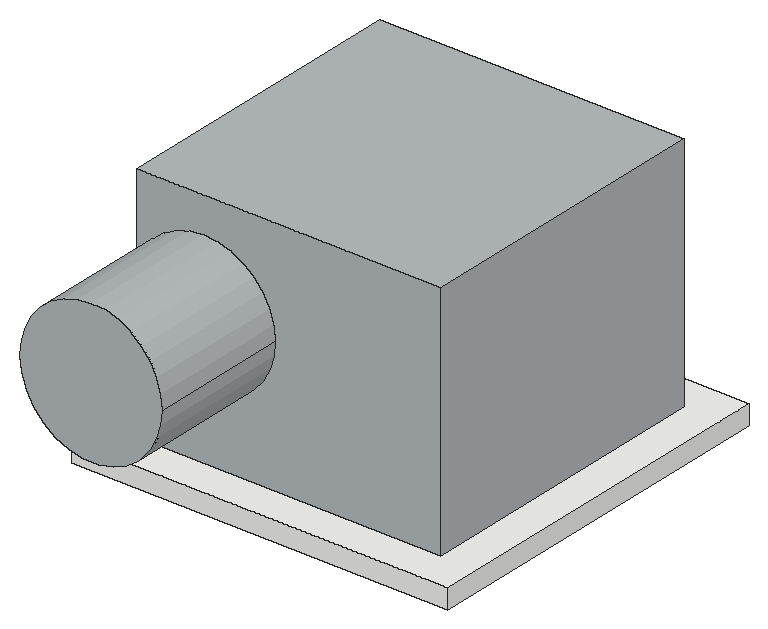
Revit family "vd-15_20zx(k)(p)14-c_50Hz", category 機械設備, Revit 2019
Family settings
  丸型コネクタ寸法 = 直径を使用
  パーツ タイプ = 標準
  OmniClass 番号 = 23.75.35.17.27
  OmniClass タイトル = Centrifugal Fans
  作業面ベース = いいえ
  常に垂直 = はい
  ロード時にボイドで切り取り = いいえ
  共有 = いいえ
  部屋計算ポイント = はい
Parameters (values of type "VD-20ZXP14-C")
  騒音レベル(dB(A)) [instance] = 41.5
  風量 [instance] = 500.0 m³/h
  電源種別 [instance] = ""
  電圧 = 100 V
  電動機出力 = 0 W
  電動機_種別 [instance] = ""
  運転質量 = 0.00 kg
  連動 [instance] = ""
  質量 = if(製品質量 > 運転質量, 製品質量, 運転質量) * 1.2  # 6.60 kg
  負荷分類 = 3_ファン類
  説明 = "ダクト用換気扇 低騒音形 インテリア格子タイプ"
  設計風量 [instance] = 0.0 m³/h
  設置方法 = "天埋"
  記号 [instance] = ""
  製造元 = "三菱電機株式会社"
  製品質量 = 5.50 kg
  製品出荷対象 = "国内"
  製品リリース年月 = "2024年6月3日"
  製品グループ = ""
  系統 [instance] = ""
  符号 [instance] = if(☑給気／□排気, "FS", "FE")  # "FE"
  積算_科目 = "2 換気設備"
  積算_拾い区分 [instance] = ""
  相 = 1
  盤記号 [instance] = ""
  発停方法 [instance] = ""
  特殊仕様 [instance] = ""
  火災停止 [instance] = ""
  消費電力 = 54 W
  法定耐用年数 = "15"
  機外静圧 [instance] = 0.0 Pa
  極数 = 2
  材質 [instance] = ""
  操作・制御方式 = ""
  操作・制御スイッチ = ""
  排気量 [instance] = if(☑給気／□排気, 0.0 m³/h, 設計風量)  # 0.0 m³/h
  形式 = "天井埋込ダクト形"
  幹線記号 [instance] = ""
  対象室 [instance] = ""
  実風量 [instance] = 0.0 m³/h
  始動方式 [instance] = "直入"
  外気量 [instance] = if(☑給気／□排気, 設計風量, 0.0 m³/h)  # 0.0 m³/h
  呼称 = "天井扇"
  周波数 = 50 Hz
  参照している仕様書等のバージョン = ""
  分類コード = "50052503100030"
  分類グループ = ""
  価格 = 57400
  企業コード = "108420"
  付属品_防振装置 = ""
  付属品 [instance] = ""
  仕様書バージョン = "Version1.0"
  モデル = "VD-20ZXP14-C"
  マテリアル = 鋼板
  ファンの種類 = ""
  ダクト径 = 150 mm
  コメント [instance] = ""
  Keynote = ""
  カバーマテリアル = 合成樹脂(白)
  ☑給気／□排気 [instance] = no
  Width = 307 mm
  W1 = 380 mm
  Version = ""
  Uniclass2015Version = "Systems v1.9"
  Uniclass2015Title = "Centrifugal fans"
  Uniclass2015Code = "Pr_65_67_29_12"
  URL = "https://www.mitsubishielectric.co.jp/ldg/wink/qr/002/333535/"
  SpecificationReference = ""
  SpecificationDescription = ""
  Revision = ""
  ProductInformation = ""
  OmniClassCode = "23-33 31 19 11 15"
  MIN風量 = 400.0 m³/h
  MIN静圧 = 0.0 Pa
  MID風量 = 0.0 m³/h
  MID静圧 = 0.0 Pa
  MAX風量 = 500.0 m³/h
  MAX静圧 = 0.0 Pa
  IfcTypeProduct = ""
  IfcProduct = ""
  IfcExportType = "PROPELLORAXIAL"
  IfcExportAs = "IfcFanType"
  Height = 243 mm
  H1 = 20 mm
  EAサイズ_D = 144 mm
  Duct_Height = 135 mm
  Duct_Depth = 142 mm
  Duct_Center = 86 mm
  Depth = 307 mm
  D1 = 380 mm
  Author = "三菱電機株式会社"
Types (7, lengths in mm): name | 騒音レベル(dB(A)) | 風量 | 質量 | 製品質量 | 消費電力 | 価格 | モデル | ダクト径 | Width | W1 | URL | MIN風量 | MAX風量 | Height | H1 | EAサイズ_D | Duct_Height | Duct_Depth | Duct_Center | Depth | D1
  VD-15ZX14-C | 28 | 160.0 m³/h | 4.20 kg | 3.50 kg | 13.5 W | 27600 | "VD-15ZX14-C" | 100 | 251 | 335 | "https://www.mitsubishielectric.co.jp/ldg/wink/qr/002/333635/" | 0.0 m³/h | 160.0 m³/h | 204 | 19 | 98 | 111 | 114 | 0 | 251 | 335
  VD-15ZXP14-C | 34.5 | 210.0 m³/h | 4.20 kg | 3.50 kg | 20 W | 33000 | "VD-15ZXP14-C" | 100 | 251 | 335 | "https://www.mitsubishielectric.co.jp/ldg/wink/qr/002/333637/" | 0.0 m³/h | 210.0 m³/h | 204 | 19 | 98 | 111 | 114 | 0 | 251 | 335
  VD-18ZX14-C | 29.5 | 300.0 m³/h | 5.52 kg | 4.60 kg | 25.5 W | 39800 | "VD-18ZX14-C" | 150 | 270 | 335 | "https://www.mitsubishielectric.co.jp/ldg/wink/qr/002/333664/" | 0.0 m³/h | 300.0 m³/h | 243 | 19 | 144 | 135 | 142 | 67 | 270 | 335
  VD-18ZXP14-C | 33 | 350.0 m³/h | 6.24 kg | 5.20 kg | 33 W | 42900 | "VD-18ZXP14-C" | 150 | 307 | 380 | "https://www.mitsubishielectric.co.jp/ldg/wink/qr/002/333666/" | 0.0 m³/h | 350.0 m³/h | 243 | 20 | 144 | 135 | 142 | 86 | 307 | 380
  VD-20ZX14-C | 35.5 | 400.0 m³/h | 6.24 kg | 5.20 kg | 42 W | 50500 | "VD-20ZX14-C" | 150 | 307 | 380 | "https://www.mitsubishielectric.co.jp/ldg/wink/qr/002/333532/" | 0.0 m³/h | 400.0 m³/h | 243 | 20 | 144 | 135 | 142 | 86 | 307 | 380
  VD-20ZXK14-C | 35.5 | 400.0 m³/h | 6.36 kg | 5.30 kg | 42 W | 55600 | "VD-20ZXK14-C" | 150 | 307 | 380 | "https://www.mitsubishielectric.co.jp/ldg/wink/qr/002/333534/" | 280.0 m³/h | 400.0 m³/h | 243 | 20 | 144 | 135 | 142 | 86 | 307 | 380
  VD-20ZXP14-C | 41.5 | 500.0 m³/h | 6.60 kg | 5.50 kg | 54 W | 57400 | "VD-20ZXP14-C" | 150 | 307 | 380 | "https://www.mitsubishielectric.co.jp/ldg/wink/qr/002/333535/" | 400.0 m³/h | 500.0 m³/h | 243 | 20 | 144 | 135 | 142 | 86 | 307 | 380
Reference planes
  plane 1 "中心(正面/背面)": y = 0
  plane 2: z = 0
  plane 3 "中心(左/右)": x = 0
  plane 4: x = -190
  plane 5: x = 190
  plane 6: y = 190
  plane 7: y = -190
  plane 8: x = -153.5
  plane 9: x = 153.5
  plane 10: y = 153.5
  plane 11: y = -153.5
  plane 12: y = -295.5
  plane 13: z = 243
  plane 14: z = -20
  plane 15: z = 135
  plane 16: x = -86
Forms (mm)
  Extrusion 1, solid, material "鋼板" <- "マテリアル", detail levels fine
    sketch origin (0, 0, 0) x (1, 0, 0) y (0, 1, 0)
      loop
        line (-153.5, 153.5) -> (-153.5, -153.5) -> (153.5, -153.5) -> (153.5, 153.5) -> (-153.5, 153.5)
    from 0 to 243
  Extrusion 2, solid, material "合成樹脂(白)" <- "カバーマテリアル", detail levels fine
    sketch origin (0, 0, 0) x (1, 0, 0) y (0, 1, 0)
      loop
        line (-190, 190) -> (-190, -190) -> (190, -190) -> (190, 190) -> (-190, 190)
    from 0 to -20
  Extrusion 3, solid, material "鋼板" <- "マテリアル", detail levels fine
    sketch origin (0, 0, 0) x (1, 0, 0) y (0, 0, 1)
      loop
        circle (-86, 135) r 72
    from 153.5 to 295.5
Dimensions and locks
  equal spacing: plane 4, plane 3 "中心(左/右)", plane 5
  "W1": plane 4 to plane 5
  equal spacing: plane 6, plane 1 "中心(正面/背面)", plane 7
  "D1": plane 6 to plane 7
  equal spacing: plane 8, plane 3 "中心(左/右)", plane 9
  "Width": plane 8 to plane 9
  equal spacing: plane 10, plane 1 "中心(正面/背面)", plane 11
  "Depth": plane 10 to plane 11
  "Duct_Depth": plane 11 to plane 12
  "Height": plane 13 to plane 2
  "Duct_Height": plane 15 to plane 2
  "H1": plane 2 to plane 14
  "Duct_Center": plane 3 "中心(左/右)" to plane 16
  "EAサイズ_D": diameter of Extrusion 3 sketch curve
  aligned and locked: level to plane 2
  aligned and locked: plane 5 to Extrusion 2
  aligned and locked: plane 6 to Extrusion 2
  aligned and locked: Extrusion 2 to plane 4
  aligned and locked: Extrusion 2 to plane 7
  aligned and locked: plane 9 to Extrusion 1
  aligned and locked: Extrusion 1 to plane 11
  aligned and locked: Extrusion 1 to plane 8
  aligned and locked: plane 10 to Extrusion 1
  aligned and locked: plane 13 to Extrusion 1
  aligned and locked: Extrusion 2 to plane 14
  aligned and locked: level to Extrusion 2
  aligned and locked: Extrusion 1 to level
  aligned and locked: Extrusion 3 to plane 12
  aligned and locked: plane 11 to Extrusion 3
Automatic sketch dimensions
  Extrusion 1 sketch curve to plane 3 "中心(左/右)" = 153.5 mm
  plane 3 "中心(左/右)" to Extrusion 1 sketch curve = 153.5 mm
  Extrusion 2 sketch curve to plane 3 "中心(左/右)" = 190 mm
  plane 3 "中心(左/右)" to Extrusion 2 sketch curve = 190 mm
  plane 1 "中心(正面/背面)" to Extrusion 1 sketch curve = 153.5 mm
  Extrusion 1 sketch curve to plane 1 "中心(正面/背面)" = 153.5 mm
  plane 1 "中心(正面/背面)" to Extrusion 2 sketch curve = 190 mm
  Extrusion 2 sketch curve to plane 1 "中心(正面/背面)" = 190 mm
  Extrusion 3 sketch curve to plane 15 = 0 mm
  Extrusion 3 sketch curve to plane 16 = 0 mm
Nested families
  nested 1: "記号_天井換気扇_平面" at (0, 0, 0), type "記号_天井換気扇_平面", detail levels coarse+medium
Connectors
  hvac at (-86, -295.5, 135), driven by "ダクト径", driven by "風量", driven by "機外静圧"
    settings: on Extrusion 3, index 1, duct flow 500.0 m³/h, flow factor 0, pres drop 0.0 Pa, loss coef 0, conn angle 0.00°, conn width 304.8 mm, conn height 304.8 mm, conn diameter 150 mm, duct sys type 3, conn prof type 0, flow config 0, flow direction 2, loss method 4, conn ref index -1, conn util no, is conn primary yes, conn desc ""
  electrical at (0, 0, 243), driven by "極数", driven by "負荷分類", driven by "電圧", driven by "消費電力"
    settings: on Extrusion 1, index 2, voltage 100 V, apparent load 54 VA, apparent load phase1 0 VA, apparent load phase2 0 VA, apparent load phase3 0 VA, power factor 1, load classification "3_ファン類", number of poles 2, system type 30, power factor state 1, is connector primary yes, connector utility no, sub classification motor no, connector description ""
Definition of nested family "記号_天井換気扇_平面"
  Reference planes
    plane 1: y = 0
    plane 2: x = 0
  Lines and regions (mm)
    detail lines
      curve 1: line (-2.5, 2.5, 0) -> (2.5, 2.5, 0)
      curve 2: line (-2.5, -2.5, 0) -> (-2.5, 2.5, 0)
      curve 3: line (2.5, -2.5, 0) -> (-2.5, -2.5, 0)
      curve 4: line (2.5, 2.5, 0) -> (2.5, -2.5, 0)
      curve 5: circle (-1.04, -1.04, 0) r 1.46 normal (0, 0, 1)
      curve 6: circle (1.04, 1.04, 0) r 1.46 normal (0, 0, 1)
      curve 7: line (-3.125, 3.125, 0) -> (3.125, 3.125, 0)
      curve 8: line (-3.125, -3.125, 0) -> (-3.125, 3.125, 0)
      curve 9: line (3.125, -3.125, 0) -> (-3.125, -3.125, 0)
      curve 10: line (3.125, 3.125, 0) -> (3.125, -3.125, 0)
      curve 11: circle (1.295, 1.295, 0) r 1.83 normal (0, 0, 1)
      curve 12: circle (-1.295, -1.295, 0) r 1.83 normal (0, 0, 1)
      curve 13: line (-2, 2, 0) -> (2, 2, 0)
      curve 14: line (-2, -2, 0) -> (-2, 2, 0)
      curve 15: line (2, -2, 0) -> (-2, -2, 0)
      curve 16: line (2, 2, 0) -> (2, -2, 0)
      curve 17: circle (0.84, 0.84, 0) r 1.16 normal (0, 0, 1)
      curve 18: circle (-0.84, -0.84, 0) r 1.2 normal (0, 0, 1)
